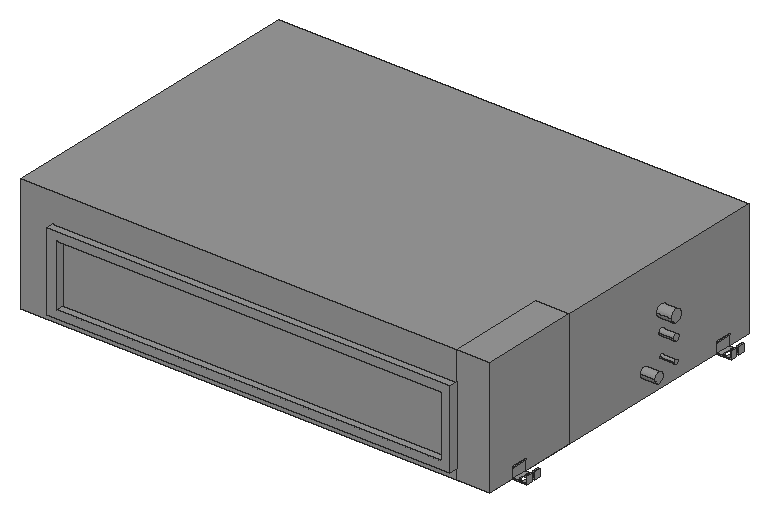
Revit family "Trane_TVR_Indoor_Medium static pressure_4TVD0048EF000AA(2nd DC)", category Equipamento mecânico, Revit 2019
Family settings
  Cota do conector redondo = Utilizar diâmetro
  Tipo de parte = Normal
  Número OmniClass = 23.75.00.00
  Título OmniClass = Climate Control (HVAC)
  Com base no plano de trabalho = Não
  Sempre na vertical = Sim
  Corte com vazios quando carregada = Não
  Compartilhado = Não
  Ponto de cálculo do ambiente = Não
Parameters (values of type "4TVD0048EF000AA")
  clearance access right = 600.000 mm
  clearance access left = 590.000 mm
  clearance access front = 0.000 mm
  clearance access behind = 0.000 mm
  clearance [instance] = no
  Width = 1290.000 mm
  URL = "https://www.trane.com/commercial/latin-america/br/pt.html"
  Series = "TVR ULTRA"
  Power supply = "220-240V ~50/60Hz"
  Net Weight = 46.50 kg
  Modelo = "4TVD0048EF000AA"
  Minimum Circuit Amps = 2.6 A
  Maximum Fuse Amps = 15 A
  Fabricante = "Trane"
  Machine material = grilles：ABS/HIPS
  Liquid pipe = 9.530 mm
  Installation = "Indoor installation"
  Height = 300.000 mm
  Heating Power Input = 250 W
  Heating Capacity = 15.50 kW
  Gas pipe = 15.900 mm
  Gas = "R410a"
  Descrição = "High efficiency air cooled"
  Depth = 865.000 mm
  Cooling Power Input = 250 W
  Cooling Capacity = 14.00 kW
  Condensation = "air"
  Air  Flow = "1960/1860/1760/1660/1560/1460/1360"
Reference planes
  plane 1 "Center(front/bcak)": y = 0
  plane 2: z = 0
  plane 3 "Center(Left/Right)": x = 0
Forms (mm)
  Extrusion 1, solid, material "grilles：ABS/HIPS" <- "Machine material", detail levels medium+fine
    sketch origin (0, 0, 0) x (1, 0, 0) y (0, 1, 0)
      loop
        line (0, 417.5) -> (-605, 417.5) -> (-605, -417.5) -> (605, -417.5) -> (605, 417.5) -> (0, 417.5)
    from 0 to 300
  Extrusion 2, solid, material "grilles：ABS/HIPS" <- "Machine material", detail levels fine
    sketch origin (0, 0, 25) x (1, 0, 0) y (0, 0, 1)
      loop
        line (-520, 200) -> (-520, 0) -> (520, 0) -> (520, 200) -> (-520, 200)
      loop
        line (-494.7, 180) -> (-494.7, 20) -> (499.257, 20) -> (499.257, 180) -> (-494.7, 180)
    from 417.5 to 437.5
  Extrusion 3, solid, material "grilles：ABS/HIPS" <- "Machine material", detail levels fine
    sketch origin (0, 510, 20) x (1, 0, 0) y (0, 0, 1)
      loop
        line (-475, 200) -> (-475, 0) -> (475, 0) -> (475, 200) -> (-475, 200)
      loop
        line (-469.298, 195.027) -> (-469.298, 5.508) -> (469.287, 5.508) -> (469.287, 195.027) -> (-469.298, 195.027)
    from 82.5 to 92.5
  Extrusion 4, solid, material "grilles：ABS/HIPS" <- "Machine material", detail levels fine
    sketch origin (0, 0, 0) x (0, 1, 0) y (0, 0, 1)
      loop
        circle (135, 180) r 15
    from 605 to 645
  Extrusion 5, solid, material "grilles：ABS/HIPS" <- "Machine material", detail levels fine
    sketch origin (0, 0, 0) x (0, 1, 0) y (0, 0, 1)
      loop
        circle (135, 130.396) r 7.95
    from 605 to 645
  Extrusion 6, solid, material "grilles：ABS/HIPS" <- "Machine material", detail levels fine
    sketch origin (0, 0, 0) x (0, 1, 0) y (0, 0, 1)
      loop
        circle (135, 73.557) r 4.765
    from 605 to 645
  Extrusion 7, solid, material "grilles：ABS/HIPS" <- "Machine material", detail levels fine
    sketch origin (0, 0, 0) x (0, 1, 0) y (0, 0, 1)
      loop
        circle (79.212, 61.022) r 12.5
    from 605 to 645
  Extrusion 8, solid, material "grilles：ABS/HIPS" <- "Machine material", detail levels fine
    sketch origin (0, 0, 0) x (1, 0, 0) y (0, 0, 1)
      loop
        line (605, 0) -> (605, 300) -> (520, 300) -> (520, 0) -> (605, 0)
    from 160 to 417.5
  Extrusion 9, solid, material "grilles：ABS/HIPS" <- "Machine material", detail levels fine
    sketch origin (0, 0, 0) x (0, 1, 0) y (0, 0, 1)
      loop
        circle (-154.402, 140.106) r 49
    from -605 to -535.482
Lines and regions (mm)
  model lines, detail levels fine
    curve 1: line (-494.7, -437.5, 205) -> (499.257, -437.5, 205)
    curve 2: line (-494.7, -437.5, 45) -> (-494.7, -437.5, 205)
    curve 3: line (500.818, -437.5, 45) -> (-494.7, -437.5, 45)
    curve 4: line (-494.7, -437.5, 45) -> (-334.7, -437.5, 205)
    curve 5: line (-434.7, -437.5, 45) -> (-274.7, -437.5, 205)
    curve 6: line (-374.7, -437.5, 45) -> (-214.7, -437.5, 205)
    curve 7: line (-314.7, -437.5, 45) -> (-154.7, -437.5, 205)
    curve 8: line (-254.7, -437.5, 45) -> (-94.7, -437.5, 205)
    curve 9: line (-194.7, -437.5, 45) -> (-34.7, -437.5, 205)
    curve 10: line (-494.7, -437.5, 165) -> (-454.7, -437.5, 205)
    curve 11: line (-494.7, -437.5, 105) -> (-394.7, -437.5, 205)
    curve 12: line (10.998, -437.5, 45) -> (-149.002, -437.5, 205)
    curve 13: line (-49.002, -437.5, 45) -> (-209.002, -437.5, 205)
    curve 14: line (-109.002, -437.5, 45) -> (-269.002, -437.5, 205)
    curve 15: line (-169.002, -437.5, 45) -> (-329.002, -437.5, 205)
    curve 16: line (-229.002, -437.5, 45) -> (-389.002, -437.5, 205)
    curve 17: line (-289.002, -437.5, 45) -> (-449.002, -437.5, 205)
    curve 18: line (-349.002, -437.5, 45) -> (-494.7, -437.5, 190.698)
    curve 19: line (-409.002, -437.5, 45) -> (-494.7, -437.5, 130.698)
    curve 20: line (-469.002, -437.5, 45) -> (-494.7, -437.5, 70.698)
    curve 32: line (65.3, -437.5, 45) -> (-94.7, -437.5, 205)
    curve 34: line (125.3, -437.5, 45) -> (-34.7, -437.5, 205)
    curve 35: line (185.3, -437.5, 45) -> (25.3, -437.5, 205)
    curve 36: line (245.3, -437.5, 45) -> (85.3, -437.5, 205)
    curve 37: line (305.3, -437.5, 45) -> (145.3, -437.5, 205)
    curve 38: line (365.3, -437.5, 45) -> (205.3, -437.5, 205)
    curve 39: line (425.3, -437.5, 45) -> (265.3, -437.5, 205)
    curve 40: line (485.3, -437.5, 45) -> (325.3, -437.5, 205)
    curve 41: line (499.257, -437.5, 91.042) -> (385.3, -437.5, 205)
    curve 42: line (499.257, -437.5, 151.042) -> (445.3, -437.5, 205)
    curve 43: line (-134.7, -437.5, 45) -> (25.3, -437.5, 205)
    curve 44: line (-74.7, -437.5, 45) -> (85.3, -437.5, 205)
    curve 45: line (-14.7, -437.5, 45) -> (145.3, -437.5, 205)
    curve 46: line (45.3, -437.5, 45) -> (205.3, -437.5, 205)
    curve 47: line (105.3, -437.5, 45) -> (265.3, -437.5, 205)
    curve 48: line (165.3, -437.5, 45) -> (325.3, -437.5, 205)
    curve 49: line (225.3, -437.5, 45) -> (385.3, -437.5, 205)
    curve 50: line (285.3, -437.5, 45) -> (445.3, -437.5, 205)
    curve 51: line (345.3, -437.5, 45) -> (499.257, -437.5, 198.958)
    curve 52: line (405.3, -437.5, 45) -> (499.257, -437.5, 138.958)
    curve 53: line (465.3, -437.5, 45) -> (499.257, -437.5, 78.958)
  model lines
    curve 21: line (605, -417.5, 300) -> (-605, -417.5, 300)
    curve 22: line (-605, -417.5, 300) -> (-605, 417.5, 300)
    curve 23: line (-605, 417.5, 300) -> (605, 417.5, 300)
    curve 24: line (605, 417.5, 0) -> (-605, 417.5, 0)
    curve 25: line (-605, 417.5, 0) -> (-605, -417.5, 0)
    curve 26: line (-605, -417.5, 0) -> (605, -417.5, 0)
    curve 27: line (-605, -417.5, 300) -> (-605, -417.5, 0)
    curve 28: line (605, -417.5, 300) -> (605, 417.5, 300)
    curve 29: line (605, 417.5, 300) -> (605, 417.5, 0)
    curve 30: line (605, 417.5, 0) -> (605, -417.5, 0)
    curve 31: line (605, -417.5, 0) -> (605, -417.5, 300)
    curve 33: line (-605, 417.5, 300) -> (-605, 417.5, 0)
Dimensions and locks
  "Height": Extrusion 1 to Extrusion 1
  "Depth": Extrusion 2 to Extrusion 3
  "Liquid pipe": diameter of Extrusion 6
  "Gas pipe": diameter of Extrusion 5
  aligned and locked: level to plane 2
Automatic sketch dimensions
  Extrusion 1 sketch curve to plane 3 "Center(Left/Right)" = 0.000 mm
  plane 1 "Center(front/bcak)" to Extrusion 1 sketch curve = 417.500 mm
  Extrusion 1 sketch curve to plane 3 "Center(Left/Right)" = 605.000 mm
  plane 3 "Center(Left/Right)" to Extrusion 1 sketch curve = 605.000 mm
  Extrusion 1 sketch curve to plane 1 "Center(front/bcak)" = 417.500 mm
  level to Extrusion 2 sketch curve = 25.000 mm
  Extrusion 2 sketch curve to plane 3 "Center(Left/Right)" = 520.000 mm
  level to Extrusion 2 sketch curve = 45.000 mm
  Extrusion 2 sketch curve to Extrusion 2 sketch curve = 25.300 mm
  plane 3 "Center(Left/Right)" to Extrusion 2 sketch curve = 499.257 mm
  Extrusion 2 sketch curve to Extrusion 2 sketch curve = 20.743 mm
  level to Extrusion 3 sketch curve = 20.000 mm
  Extrusion 3 sketch curve to plane 3 "Center(Left/Right)" = 475.000 mm
  level to Extrusion 3 sketch curve = 25.508 mm
  Extrusion 3 sketch curve to Extrusion 3 sketch curve = 5.702 mm
  plane 3 "Center(Left/Right)" to Extrusion 3 sketch curve = 469.287 mm
  Extrusion 3 sketch curve to Extrusion 3 sketch curve = 5.713 mm
  Extrusion 3 sketch curve to Extrusion 3 sketch curve = 4.973 mm
  Extrusion 4 sketch curve to plane 1 "Center(front/bcak)" = 135.000 mm
  Extrusion 5 sketch curve to plane 1 "Center(front/bcak)" = 135.000 mm
  Extrusion 6 sketch curve to plane 1 "Center(front/bcak)" = 135.000 mm
  level to Extrusion 6 sketch curve = 73.557 mm
  Extrusion 7 sketch curve to plane 1 "Center(front/bcak)" = 79.212 mm
  level to Extrusion 7 sketch curve = 61.022 mm
  curve 21 to Extrusion 1 = 0.000 mm  (x3)
  curve 22 to Extrusion 1 = 0.000 mm
  curve 23 to Extrusion 1 = 0.000 mm
  curve 24 to Extrusion 1 = 0.000 mm  (x2)
  curve 25 to Extrusion 1 = 0.000 mm  (x2)
  curve 26 to Extrusion 1 = 0.000 mm
  curve 27 to Extrusion 1 = 0.000 mm  (x3)
  Extrusion 1 to curve 28 = 0.000 mm
  curve 28 to Extrusion 1 = 0.000 mm
  curve 30 to Extrusion 1 = 0.000 mm  (x2)
  Extrusion 8 sketch curve to level = 0.000 mm
  plane 3 "Center(Left/Right)" to Extrusion 8 sketch curve = 520.000 mm
  Extrusion 8 sketch curve to Extrusion 8 sketch curve = 85.000 mm
  plane 1 "Center(front/bcak)" to Extrusion 9 sketch curve = 154.402 mm
  curve 33 to Extrusion 1 = 0.000 mm  (x3)
  curve 1 to Extrusion 2 = 0.000 mm  (x2)
  curve 43 to Extrusion 2 = 0.000 mm
  curve 3 to Extrusion 2 = 0.000 mm
  Extrusion 2 to curve 41 = 0.000 mm
  Extrusion 2 to curve 51 = 0.000 mm
  Extrusion 2 to curve 42 = 0.000 mm
  Extrusion 2 to curve 52 = 0.000 mm
  Extrusion 2 to curve 53 = 0.000 mm
  Extrusion 2 to curve 43 = 473.958 mm
  curve 2 to curve 20 = 25.698 mm  (x2)
  curve 1 to curve 10 = 40.000 mm
  curve 10 to curve 17 = 5.698 mm
  curve 20 to curve 5 = 34.302 mm
  curve 5 to curve 19 = 25.698 mm
  curve 17 to curve 11 = 54.302 mm
  curve 11 to curve 16 = 5.698 mm
  curve 19 to curve 6 = 34.302 mm
  curve 6 to curve 18 = 25.698 mm
  curve 16 to curve 4 = 54.302 mm
  curve 4 to curve 15 = 5.698 mm
  curve 18 to curve 7 = 34.302 mm
  curve 7 to curve 17 = 25.698 mm
  curve 15 to curve 5 = 54.302 mm
  curve 5 to curve 14 = 5.698 mm
  curve 17 to curve 8 = 34.302 mm
  curve 8 to curve 16 = 25.698 mm
  curve 14 to curve 6 = 54.302 mm
  curve 6 to curve 13 = 5.698 mm
  curve 16 to curve 9 = 34.302 mm
  curve 9 to curve 15 = 25.698 mm
  curve 13 to curve 7 = 54.302 mm
  curve 7 to curve 12 = 5.698 mm
  curve 15 to curve 43 = 34.302 mm
  curve 43 to curve 14 = 25.698 mm
  curve 12 to curve 8 = 54.302 mm
  curve 32 to curve 8 = 0.000 mm
  curve 14 to curve 44 = 34.302 mm
  curve 44 to curve 13 = 25.698 mm
  curve 8 to curve 9 = 60.000 mm
  curve 34 to curve 9 = 0.000 mm
  curve 13 to curve 45 = 34.302 mm
  curve 45 to curve 12 = 25.698 mm
  curve 12 to curve 46 = 34.302 mm
  curve 46 to curve 32 = 20.000 mm
  curve 35 to curve 44 = 60.000 mm
  curve 36 to curve 44 = 0.000 mm
  curve 32 to curve 47 = 40.000 mm
  curve 47 to curve 34 = 20.000 mm
  curve 36 to curve 37 = 60.000 mm
  curve 45 to curve 37 = 0.000 mm
  curve 48 to curve 35 = 20.000 mm
  curve 37 to curve 38 = 60.000 mm
  curve 46 to curve 38 = 0.000 mm
  curve 35 to curve 49 = 40.000 mm
  curve 49 to curve 36 = 20.000 mm
  curve 38 to curve 39 = 60.000 mm
  curve 47 to curve 39 = 0.000 mm
  curve 36 to curve 50 = 40.000 mm
  curve 50 to curve 37 = 20.000 mm
  curve 39 to curve 40 = 60.000 mm
  curve 48 to curve 40 = 0.000 mm
  curve 37 to curve 51 = 40.000 mm
  curve 51 to curve 38 = 20.000 mm
  curve 40 to curve 41 = 60.000 mm
  curve 49 to curve 41 = 0.000 mm
  curve 38 to curve 52 = 40.000 mm
  curve 52 to curve 39 = 20.000 mm
  Extrusion 2 to curve 50 = 53.958 mm
  curve 42 to curve 50 = 0.000 mm
  Extrusion 2 to curve 53 = 33.958 mm  (x2)
  Extrusion 2 to curve 40 = 13.958 mm
  curve 3 to Extrusion 2 = 1.561 mm
  curve 53 to curve 41 = 12.085 mm
  curve 20 to curve 11 = 34.302 mm
  curve 11 to curve 19 = 25.698 mm
  curve 41 to curve 52 = 47.915 mm
  curve 52 to curve 42 = 12.085 mm
  curve 19 to curve 10 = 34.302 mm
  Extrusion 2 to curve 18 = 14.302 mm
  Extrusion 2 to curve 51 = 6.042 mm
  level to Extrusion 2 sketch curve = 205.000 mm
  Extrusion 2 sketch curve to Extrusion 2 sketch curve = 20.000 mm
  level to Extrusion 3 sketch curve = 215.027 mm
  level to Extrusion 4 sketch curve = 180.000 mm
  level to Extrusion 5 sketch curve = 130.396 mm
  level to Extrusion 8 sketch curve = 300.000 mm
  level to Extrusion 9 sketch curve = 140.106 mm
  radius of Extrusion 4 sketch curve = 15.000 mm
  radius of Extrusion 5 sketch curve = 7.950 mm
  radius of Extrusion 6 sketch curve = 4.765 mm
  radius of Extrusion 7 sketch curve = 12.500 mm
  radius of Extrusion 9 sketch curve = 49.000 mm
Nested families
  nested 1: "Beautiful-Lagou" at (605, -345.444, 0) x (0, 1, 0) z (0, 0, 1), type "Lagou-HXL", detail levels fine
  nested 2: "Beautiful-Lagou" at (605, 312.686, 0) x (0, 1, 0) z (0, 0, 1), type "Lagou-HXL", detail levels fine
  nested 3: "Beautiful-Lagou" at (-605, 352.686, 0) x (0, -1, 0) z (0, 0, 1), type "Lagou-HXL", detail levels fine
  nested 4: "Beautiful-Lagou" at (-605, -305.444, 0) x (0, -1, 0) z (0, 0, 1), type "Lagou-HXL", detail levels fine
Connectors
  piping at (645, 79.212, 61.022), diameter 25
    settings: on Extrusion 7, index 11, connector inside diameter 25 mm, connector length 0.000 mm, flow factor 0, pipe flow 0.0 m³/h, pressure drop 0.0 Pa, fitting loss kfactor 0, connector angle 0.00°, fixture units 0, engagement length 0.000 mm, angle of deflection 0.00°, flow configuration 1, flow direction 2, fitting loss method 0, system type 29, joint type 0, gender type 0, connector reference index -1, connector utility 0, adjustable connector no, is connector primary yes, connector description "Drain pipe OD Φ 25mm"
  piping at (645, 135, 73.557), diameter 9.53
    settings: on Extrusion 6, index 16, connector inside diameter 9.53 mm, connector length 0.000 mm, flow factor 0, pipe flow 0.0 m³/h, pressure drop 0.0 Pa, fitting loss kfactor 0, connector angle 0.00°, fixture units 0, engagement length 0.000 mm, angle of deflection 0.00°, flow configuration 1, flow direction 0, fitting loss method 4, system type 22, joint type 0, gender type 0, connector reference index -1, connector utility 0, adjustable connector no, is connector primary no, connector description "Liquid pipe Φ9.53mm"
  piping at (645, 135, 130.396), diameter 15.9
    settings: on Extrusion 5, index 17, connector inside diameter 15.9 mm, connector length 0.000 mm, flow factor 0, pipe flow 0.0 m³/h, pressure drop 0.0 Pa, fitting loss kfactor 0, connector angle 0.00°, fixture units 0, engagement length 0.000 mm, angle of deflection 0.00°, flow configuration 1, flow direction 0, fitting loss method 4, system type 22, joint type 0, gender type 0, connector reference index -1, connector utility 0, adjustable connector no, is connector primary no, connector description "Gas pipe Φ15.9mm"
  electrical at (605, -288.75, 150)
    settings: on Extrusion 8, index 18, voltage 220 V, apparent load 0 VA, apparent load phase1 0 VA, apparent load phase2 0 VA, apparent load phase3 0 VA, power factor 1, load classification "Other", number of poles 1, system type 30, power factor state 1, is connector primary yes, connector utility no, sub classification motor no, connector description "The location of electrical connectors is not the same as the actual location because the wiring terminal is inside the unit."
  hvac at (-605, -154.402, 140.106)
    settings: on Extrusion 9, index 21, duct flow 0.0 m³/h, flow factor 0, pres drop 0.0 Pa, loss coef 0, conn angle 0.00°, conn width 304.8 mm, conn height 304.8 mm, conn diameter 98 mm, duct sys type 4, conn prof type 0, flow config 0, flow direction 0, loss method 0, conn ref index -1, conn util no, is conn primary yes, conn desc ""
  hvac at (0, -437.5, 125)
    settings: on Extrusion 2, index 22, duct flow 0.0 m³/h, flow factor 0, pres drop 0.0 Pa, loss coef 0, conn angle 0.00°, conn width 952 mm, conn height 147 mm, conn diameter 609.6 mm, duct sys type 1, conn prof type 1, flow config 0, flow direction 0, loss method 0, conn ref index -1, conn util no, is conn primary no, conn desc ""
  hvac at (0, 427.5, 120)
    settings: on Extrusion 3, index 23, duct flow 0.0 m³/h, flow factor 0, pres drop 0.0 Pa, loss coef 0, conn angle 0.00°, conn width 952 mm, conn height 147 mm, conn diameter 609.6 mm, duct sys type 1, conn prof type 1, flow config 0, flow direction 0, loss method 0, conn ref index -1, conn util no, is conn primary no, conn desc ""
Definition of nested family "Beautiful-Lagou"
  Parameters
    Manufacturer = "HXL"
    Machine material = none
  Reference planes
    plane 1 "Center (Front/Back)": y = 0
    plane 2: z = 0
    plane 3 "Center (Left/Right)": x = 0
  Forms (mm)
    Extrusion 1, solid, material <- "Machine material"
      sketch origin (0, 0, 0) x (0, 1, 0) y (0, 0, 1)
        loop
          line (0, 0) -> (0, 20) -> (0, 30) -> (-5, 30) -> (-5, 28) -> (-2, 28) -> (-2, 2) -> (-38, 2) -> (-38, 18) -> (-35, 18) -> (-35, 20) -> (-38, 20) -> (-40, 20) -> (-40, 0) -> (0, 0)
      from 0 to 40
    Extrusion 2, void
      sketch origin (0, 0, 0) x (1, 0, 0) y (0, 1, 0)
        loop
          arc (10, -14) -> (4, -20) -> (10, -26) r 6
          line (10, -26) -> (30, -26)
          arc (30, -26) -> (36, -20) -> (30, -14) r 6
          line (30, -14) -> (10, -14)
      from 0 to 2
    Extrusion 3, void
      sketch origin (0, 0, 0) x (1, 0, 0) y (0, 1, 0)
        loop
          line (15, -26) -> (15, -40) -> (25, -40) -> (25, -26) -> (15, -26)
      from 0 to 250
  Cuts and joins
    Extrusion 2, Extrusion 3 cuts Extrusion 1
  Dimensions and locks
    aligned and locked: level to plane 2
